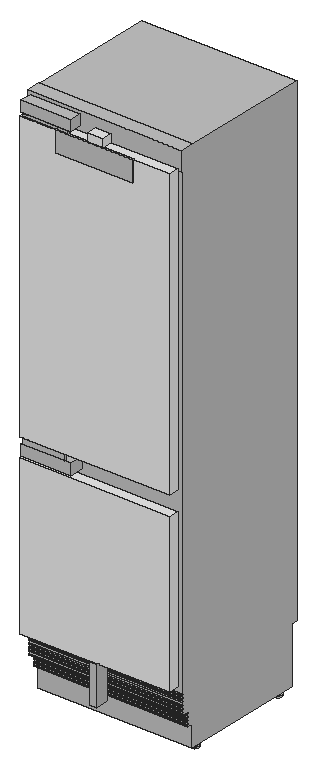
Revit family "FP_Revit_18_RS6121WLUK1_Fridge_90001107A", category Specialty Equipment, Revit 2018
Family settings
  Round Connector Dimension = Use Diameter
  Part Type = Normal
  OmniClass Number = 23.40.40.11.11
  OmniClass Title = Refrigerators and Freezers
  Work Plane-Based = No
  Always vertical = Yes
  Cut with Voids When Loaded = Yes
  Shared = No
  Room Calculation Point = No
Parameters
  Visibility - Visibility Control Note = yes
  Visibility - Clearance Required = yes
  URL = "www.fisherpaykel.com"
  Stainless Steel Door Panels (RD6121WLD) = no
  Product - Width = 603 mm  # constant formula
  Product - Height = 2134 mm  # constant formula
  Product - Depth (exl front panel) = 610 mm  # constant formula
  Model = "RS6121WLUK1"
  Material - Handle = Fisher & Paykel - Aluminium, Dark
  Material - Door Structure = Fisher & Paykel - White
  Material - Door Front = Fisher & Paykel - Stainless Steel
  Material - Body = Fisher & Paykel - Grey
  Manufacturer = "Fisher & Paykel Appliances"
  Handle Style - Contemporary Square Fine Black (AHD5RD6121WB) = no
  Handle Style - Contemporary Square Fine (AHD5RD6121W) = no
  Handle Style - Contemporary Square (AHD3RD6121W) = no
  Handle Style - Contemporary Round (AHSRD6121W) = no
  Description = "61cm Integrated Column Refrigerator/Freezer with Ice & Water"
  Connector Description - Water = "1/2 BSP Stainless steel braided hose"
  Connector Description - Electrical = "230 V, 10 amp fused electrical supply"
  Cavity - Width = 610 mm  # constant formula
  Cavity - Height = 2134 mm  # constant formula
  Cavity - Depth = 650 mm  # constant formula
Reference planes
  plane 1 "Datum": y = 0
  plane 2: z = 0
  plane 3 "Center (Left/Right)": x = 0
  plane 4 "Product LHS": x = -301.5
  plane 5 "Product RHS": x = 301.5
  plane 6 "Product - Depth": y = 610
  plane 7: x = -305
  plane 8: x = 305
  plane 9 "Cavity - Depth": y = 627.9
  plane 10 "Handle Offset": x = 238.5
  plane 11 "Product Height": z = 2134
  plane 12 "Cavity Height": z = 2134
  plane 13 "Door Panel Datum": y = -4.1
Forms (mm)
  Extrusion 1, solid, material "Fisher & Paykel - Grey" <- "Material - Body", detail levels fine
    sketch origin (0, 0, 0) x (0, 1, 0) y (0, 0, 1)
      loop
        line (100.1, 19.1) -> (587.9, 19.1) -> (587.9, 239.7) -> (610, 239.7) -> (610, 2132.3) -> (105.1, 2132.3) -> (105.1, 2134) -> (49.9, 2134) -> (49.9, 2059) -> (56, 2059) -> (56, 228.6) -> (59.5, 228.6) -> (59.5, 219.7) -> (56.5, 219.7) -> (56.5, 215.9) -> (59.5, 215.9) -> (59.5, 207) -> (56.5, 207) -> (56.5, 203.2) -> (59.5, 203.2) -> (59.5, 194.3) -> (56.5, 194.3) -> (56.5, 190.5) -> (59.5, 190.5) -> (59.5, 181.6) -> (56.5, 181.6) -> (56.5, 177.8) -> (59.5, 177.8) -> (59.5, 168.9) -> (56.5, 168.9) -> (56.5, 165.1) -> (59.5, 165.1) -> (59.5, 156.2) -> (56.5, 156.2) -> (56.5, 152.4) -> (84.1, 152.4) -> (84.1, 143.5) -> (81.1, 143.5) -> (81.1, 139.7) -> (84.1, 139.7) -> (84.1, 130.8) -> (81.1, 130.8) -> (81.1, 127) -> (84.1, 127) -> (84.1, 118.1) -> (81.1, 118.1) -> (81.1, 114.3) -> (84.1, 114.3) -> (84.1, 105.4) -> (81.1, 105.4) -> (81.1, 101.6) -> (100.1, 101.6) -> (100.1, 19.1)
    from -301.5 to 301.5
  Extrusion 2, solid, material "Fisher & Paykel - Grey" <- "Material - Body"
    sketch origin (0, 0, 0) x (1, 0, 0) y (0, 1, 0)
      loop
        circle (-281, 547.8) r 4.1
      loop
        circle (-281, 141.8) r 4.1
      loop
        circle (281, 547.8) r 4.1
      loop
        circle (281, 141.8) r 4.1
    from 3 to 19.1
  Extrusion 3, solid, material "Fisher & Paykel - Grey" <- "Material - Body"
    sketch origin (0, 0, 0) x (1, 0, 0) y (0, 1, 0)
      loop
        circle (-281, 547.8) r 14.5
      loop
        circle (-281, 141.8) r 14.555
      loop
        circle (281, 547.8) r 14.5
      loop
        circle (281, 141.8) r 14.555
    from 0 to 3
  Extrusion 4, solid, material "Fisher & Paykel - Grey" <- "Material - Body", detail levels fine
    sketch origin (0, 0, 0) x (1, 0, 0) y (0, 1, 0)
      loop
        line (-7.5, 49) -> (-13.797, -4.1) -> (13.797, -4.1) -> (7.5, 49) -> (-7.5, 49)
    from 104.2 to 253.8
  Extrusion 5, solid, material "Fisher & Paykel - Grey" <- "Material - Body", detail levels fine
    sketch origin (0, 0, 0) x (0, 1, 0) y (0, 0, 1)
      loop
        line (0, 2070.6) -> (0, 1988.6) -> (2, 1988.6) -> (2, 2068.6) -> (4, 2068.6) -> (4, 2070.6) -> (0, 2070.6)
    from -150 to 150
  Extrusion 6, solid, material "Fisher & Paykel - Grey" <- "Material - Body"
    sketch origin (0, 0, 0) x (1, 0, 0) y (0, 0, 1)
      loop
        circle (226.5, 119.813) r 5
      loop
        circle (-226.5, 119.813) r 5
    from -590 to -587.9
  Extrusion 7, solid, material "Fisher & Paykel - White" <- "Material - Door Structure"
    sketch origin (0, 0, 0) x (1, 0, 0) y (0, 1, 0)
      loop
        line (-276.5, 56) -> (-276.5, 42) -> (276.5, 42) -> (276.5, 56) -> (-276.5, 56)
    from 951.3 to 2030.7
  Extrusion 8, solid, material "Fisher & Paykel - White" <- "Material - Door Structure"
    sketch origin (0, 0, 0) x (1, 0, 0) y (0, 1, 0)
      loop
        line (-292.9, 42) -> (-292.9, 3) -> (292.9, 3) -> (292.9, 42) -> (-292.9, 42)
    from 943.8 to 2068.6
  Extrusion 9, solid, material "Fisher & Paykel - White" <- "Material - Door Structure", detail levels fine
    sketch origin (0, 0, 0) x (1, 0, 0) y (0, 0, 1)
      loop
        line (-29.5, 2100.1) -> (-29.5, 2068.6) -> (29.5, 2068.6) -> (29.5, 2100.1) -> (-29.5, 2100.1)
    from -42 to -3
  Extrusion 10, solid, material "Fisher & Paykel - Stainless Steel" <- "Material - Door Front", visible <- "Stainless Steel Door Panels (RD6121WLD)"
    sketch origin (0, 0, 0) x (0, 1, 0) y (0, 0, 1)
      loop
        line (-22.1, 2130.8) -> (-22.1, 876.3) -> (-4.1, 876.3) -> (-4.1, 2130.8) -> (-22.1, 2130.8)
      loop
        line (-22.1, 102) -> (-4.1, 102) -> (-4.1, 873.1) -> (-22.1, 873.1) -> (-22.1, 102)
    from -301.5 to 301.5
  Extrusion 11, solid, material "Fisher & Paykel - Grey" <- "Material - Body", detail levels coarse+medium
    sketch origin (0, 0, 0) x (0, 1, 0) y (0, 0, 1)
      loop
        line (49.9, 2134) -> (49.9, 2059) -> (56, 2059) -> (56, 152.4) -> (81.1, 152.4) -> (81.1, 101.6) -> (100.1, 101.6) -> (100.1, 19.1) -> (587.9, 19.1) -> (587.9, 239.7) -> (610, 239.7) -> (610, 2134) -> (49.9, 2134)
    from -301.5 to 301.5
  Extrusion 12, solid, material "Fisher & Paykel - Grey" <- "Material - Body", detail levels fine
    sketch origin (0, 0, 0) x (-1, 0, 0) y (0, 0, -1)
      loop
        line (289.9, -877.25) -> (95.42, -877.25) -> (95.42, -919.35) -> (289.9, -919.35) -> (289.9, -877.25)
    from -56 to -2.5
  Extrusion 13, solid, material "Fisher & Paykel - Grey" <- "Material - Body", detail levels fine
    sketch origin (0, 0, 0) x (-1, 0, 0) y (0, 0, -1)
      loop
        line (289.9, -2123.15) -> (289.9, -2081.05) -> (95.42, -2081.05) -> (95.42, -2123.15) -> (289.9, -2123.15)
    from -49 to -2.5
  Extrusion 14, solid, material "Fisher & Paykel - Grey" <- "Material - Body", detail levels fine
    sketch origin (0, 0, -4) x (0, 1, 0) y (0, 0, 1)
      loop
        arc (163.888, 23.1) -> (180.4, 13.63) -> (196.912, 23.1) r 19.13
        line (196.912, 23.1) -> (163.888, 23.1)
      loop
        arc (493.888, 23.1) -> (510.4, 13.63) -> (526.912, 23.1) r 19.13
        line (526.912, 23.1) -> (493.888, 23.1)
    from 191 to 219
  Extrusion 15, solid, material "Fisher & Paykel - Grey" <- "Material - Body", detail levels fine
    sketch origin (0, 0, -4) x (0, 1, 0) y (0, 0, -1)
      loop
        line (163.888, -23.1) -> (196.912, -23.1)
        arc (196.912, -23.1) -> (180.4, -13.63) -> (163.888, -23.1) r 19.13
      loop
        line (493.888, -23.1) -> (526.912, -23.1)
        arc (526.912, -23.1) -> (510.4, -13.63) -> (493.888, -23.1) r 19.13
    from 191 to 219
  Extrusion 16, solid, material "Fisher & Paykel - Clearance Required", visible <- "Visibility - Clearance Required", detail levels coarse
    sketch origin (0, 0, 0) x (1, 0, 0) y (0, 1, 0)
      loop
        line (-305, 627.9) -> (-305, -4.1) -> (305, -4.1) -> (305, 627.9) -> (-305, 627.9)
    from 0 to 2134
  Extrusion 17, void
    sketch origin (0, 0, 0) x (1, 0, 0) y (0, 1, 0)
      loop
        line (-305, 627.9) -> (-305, -22.1) -> (305, -22.1) -> (305, 627.9) -> (-305, 627.9)
    from 0 to 2134
  Extrusion 18, solid, material "Fisher & Paykel - Grey" <- "Material - Body", detail levels fine
    sketch origin (0, 0, 0) x (-1, 0, 0) y (0, 0, -1)
      loop
        line (118.4, -943.8) -> (282.9, -943.8) -> (282.9, -919.35) -> (118.4, -919.35) -> (118.4, -943.8)
      loop
        line (106, -2081.05) -> (242.9, -2081.05) -> (282.9, -2076.05) -> (282.9, -2068.6) -> (106, -2068.6) -> (106, -2081.05)
    from -7 to -4
  Extrusion 19, solid, material "Fisher & Paykel - White" <- "Material - Door Structure"
    sketch origin (0, 0, 0) x (1, 0, 0) y (0, 1, 0)
      loop
        line (-292.9, 42) -> (-292.9, 3) -> (292.9, 3) -> (292.9, 42) -> (-292.9, 42)
    from 253.8 to 868.15
  Extrusion 20, solid, material "Fisher & Paykel - White" <- "Material - Door Structure"
    sketch origin (0, 0, 0) x (1, 0, 0) y (0, 1, 0)
      loop
        line (-276.5, 56) -> (-276.5, 42) -> (276.5, 42) -> (276.5, 56) -> (-276.5, 56)
    from 269.2 to 858.13
  Extrusion 21, solid, material "Fisher & Paykel - Clearance Required", visible <- "Visibility - Clearance Required", detail levels coarse
    sketch origin (0, 0, 0) x (0, 1, 0) y (0, 0, 1)
      loop
        line (-422.1, 873.1) -> (-422.1, 818.896) -> (-482.1, 818.896) -> (-482.1, 781.896) -> (-422.1, 781.896) -> (-422.1, 101.6) -> (-22.1, 101.6) -> (-22.1, 873.1) -> (-422.1, 873.1)
    from -305 to 305
  Extrusion 22, solid, material "Fisher & Paykel - Clearance Required", visible <- "Visibility - Clearance Required", detail levels coarse
    sketch origin (0, 0, 0) x (-1, 0, 0) y (0, -1, 0)
      loop
        arc (301.5, 22.1) -> (304.469, 57.05) -> (339.359, 60.653) r 27.5
        line (339.359, 60.653) -> (556.046, 526.865) -> (583.452, 514.085)
        arc (583.452, 514.085) -> (608.033, 523.032) -> (599.086, 547.613) r 18.497
        line (599.086, 547.613) -> (571.638, 560.412) -> (593.641, 607.752)
        arc (593.641, 607.752) -> (-14.693, 560.645) -> (-301.5, 22.1) r 633.927
        line (-301.5, 22.1) -> (301.5, 22.1)
    from 876.3 to 2134
Lines and regions (mm)
  model lines, style "Fisher & Paykel"
    curve 1: line (-301.5, -4.1, 2130.8) -> (301.5, -4.1, 2130.8)
    curve 2: line (-301.5, -4.1, 876.3) -> (-301.5, -4.1, 2130.8)
    curve 3: line (301.5, -4.1, 876.3) -> (-301.5, -4.1, 876.3)
    curve 4: line (301.5, -4.1, 2130.8) -> (301.5, -4.1, 876.3)
    curve 5: line (301.5, -4.1, 873.1) -> (-301.5, -4.1, 873.1)
    curve 6: line (301.5, -4.1, 102) -> (301.5, -4.1, 873.1)
    curve 7: line (-301.5, -4.1, 102) -> (301.5, -4.1, 102)
    curve 8: line (-301.5, -4.1, 873.1) -> (-301.5, -4.1, 102)
Text (mm)
  text "Due to ongoing product development, product details are subject to change without notice. \nPlease always refer to www.fisherpaykel.com for the most current product information. \n© Fisher & Paykel 2020" at (41.04, -678.295, 0), in view "Ref. Level (Plan)"
Dimensions and locks
  equal spacing: plane 4 "Product LHS", plane 3 "Center (Left/Right)", plane 5 "Product RHS"
  "Product - Width": plane 4 "Product LHS" to plane 5 "Product RHS"
  "Product - Depth (exl front panel)": plane 1 "Datum" to plane 6 "Product - Depth"
  equal spacing: plane 7, plane 3 "Center (Left/Right)", plane 8
  "Cavity - Width": plane 7 to plane 8
  plane 4 "Product LHS" to Extrusion 2 sketch curve = 24.6 mm
  Extrusion 6 sketch curve to Extrusion 1 = 119.887 mm  (x2)
  Extrusion 6 sketch curve to plane 5 "Product RHS" = 75 mm
  plane 4 "Product LHS" to Extrusion 6 sketch curve = 75 mm
  Extrusion 1 sketch curve to Extrusion 1 sketch curve = 82.5 mm
  Extrusion 1 sketch curve to Extrusion 1 sketch curve = 209.5 mm
  Extrusion 1 sketch curve to Extrusion 1 sketch curve = 220.6 mm
  Extrusion 3 to level = 3 mm
  Extrusion 11 to Extrusion 8 = 924.7 mm
  Extrusion 11 to Extrusion 7 = 932.2 mm
  Extrusion 11 to Extrusion 11 = 2114.9 mm
  Extrusion 11 to Extrusion 10 = 82.9 mm
  "Product - Height": level to plane 11 "Product Height"
  plane 11 "Product Height" to Extrusion 10 = 3.2 mm
  Extrusion 8 to plane 11 "Product Height" = 65.4 mm
  Extrusion 7 to plane 11 "Product Height" = 103.3 mm
  Extrusion 11 sketch curve to plane 11 "Product Height" = 75 mm
  Extrusion 1 sketch curve to plane 11 "Product Height" = 1.7 mm
  Extrusion 1 sketch curve to plane 11 "Product Height" = 75 mm
  "Cavity - Height": plane 12 "Cavity Height" to level
  plane 1 "Datum" to Extrusion 16 = 627.9 mm
  plane 1 "Datum" to Extrusion 17 = 627.9 mm
  Extrusion 18 sketch curve to Extrusion 18 sketch curve = 40 mm
  Extrusion 18 sketch curve to Extrusion 18 sketch curve = 176.9 mm
  plane 3 "Center (Left/Right)" to Extrusion 18 sketch curve = 106 mm
  plane 3 "Center (Left/Right)" to Extrusion 18 sketch curve = 118.4 mm
  Extrusion 17 to level = 2134 mm
  Extrusion 22 to plane 1 "Datum" = 22.1 mm
  "Cavity - Depth": plane 9 "Cavity - Depth" to Extrusion 22
  radius of Extrusion 6 sketch curve = 5 mm
  aligned and locked: level to plane 2
  aligned and locked: Extrusion 10 to plane 5 "Product RHS"
  aligned and locked: plane 4 "Product LHS" to Extrusion 10
  aligned and locked: Extrusion 11 to plane 5 "Product RHS"
  aligned and locked: Extrusion 11 to plane 4 "Product LHS"
  aligned and locked: Extrusion 11 sketch curve to plane 11 "Product Height"
  aligned and locked: plane 11 "Product Height" to Extrusion 1 sketch curve
  aligned and locked: Extrusion 14 sketch curve to Extrusion 14 sketch curve
  aligned and locked: Extrusion 15 sketch curve to Extrusion 15 sketch curve
  aligned and locked: Extrusion 1 to plane 5 "Product RHS"
  aligned and locked: plane 4 "Product LHS" to Extrusion 1
  aligned and locked: nested 2 to plane 10 "Handle Offset"
  aligned and locked: nested 3 to plane 10 "Handle Offset"
  aligned and locked: nested 4 to plane 10 "Handle Offset"
  aligned and locked: nested 5 to plane 10 "Handle Offset"
Automatic sketch dimensions
  Extrusion 1 sketch curve to plane 6 "Product - Depth" = 0 mm
  Extrusion 1 sketch curve to Extrusion 1 sketch curve = 22.1 mm
  Extrusion 1 sketch curve to plane 1 "Datum" = 105.1 mm
  level to Extrusion 1 sketch curve = 19.1 mm
  Extrusion 1 sketch curve to plane 1 "Datum" = 100.1 mm
  Extrusion 1 sketch curve to Extrusion 1 sketch curve = 16 mm
  Extrusion 1 sketch curve to Extrusion 1 sketch curve = 0 mm  (x8)
  Extrusion 1 sketch curve to Extrusion 1 sketch curve = 3 mm  (x10)
  Extrusion 1 sketch curve to plane 1 "Datum" = 59.5 mm
  Extrusion 1 sketch curve to plane 1 "Datum" = 56 mm
  Extrusion 1 sketch curve to plane 1 "Datum" = 49.9 mm
  Extrusion 1 sketch curve to Extrusion 1 sketch curve = 3.8 mm  (x10)
  Extrusion 1 sketch curve to Extrusion 1 sketch curve = 8.9 mm  (x9)
  Extrusion 2 sketch curve to plane 4 "Product LHS" = 20.5 mm  (x2)
  plane 5 "Product RHS" to Extrusion 2 sketch curve = 20.5 mm  (x2)
  Extrusion 2 sketch curve to plane 1 "Datum" = 141.8 mm  (x2)
  Extrusion 2 sketch curve to plane 6 "Product - Depth" = 62.2 mm  (x2)
  Extrusion 3 sketch curve to plane 4 "Product LHS" = 20.5 mm  (x2)
  plane 5 "Product RHS" to Extrusion 3 sketch curve = 20.5 mm  (x2)
  Extrusion 3 sketch curve to plane 1 "Datum" = 141.8 mm  (x2)
  Extrusion 3 sketch curve to plane 6 "Product - Depth" = 62.2 mm  (x2)
  plane 1 "Datum" to Extrusion 4 sketch curve = 4.1 mm
  Extrusion 4 sketch curve to plane 3 "Center (Left/Right)" = 13.797 mm
  Extrusion 4 sketch curve to plane 3 "Center (Left/Right)" = 7.5 mm
  plane 3 "Center (Left/Right)" to Extrusion 4 sketch curve = 7.5 mm
  plane 3 "Center (Left/Right)" to Extrusion 4 sketch curve = 13.797 mm
  Extrusion 4 sketch curve to plane 1 "Datum" = 49 mm
  Extrusion 5 sketch curve to plane 1 "Datum" = 0 mm
  Extrusion 5 sketch curve to plane 1 "Datum" = 2 mm
  Extrusion 5 sketch curve to Extrusion 5 sketch curve = 2 mm  (x2)
  plane 11 "Product Height" to Extrusion 5 sketch curve = 145.4 mm
  plane 11 "Product Height" to Extrusion 5 sketch curve = 65.4 mm
  Extrusion 7 sketch curve to plane 4 "Product LHS" = 25 mm
  plane 5 "Product RHS" to Extrusion 7 sketch curve = 25 mm
  Extrusion 7 sketch curve to plane 1 "Datum" = 42 mm
  Extrusion 7 sketch curve to Extrusion 7 sketch curve = 14 mm
  Extrusion 8 sketch curve to plane 1 "Datum" = 3 mm
  Extrusion 8 sketch curve to plane 4 "Product LHS" = 8.6 mm
  plane 5 "Product RHS" to Extrusion 8 sketch curve = 8.6 mm
  Extrusion 8 sketch curve to Extrusion 8 sketch curve = 39 mm
  Extrusion 9 sketch curve to plane 3 "Center (Left/Right)" = 29.5 mm
  plane 3 "Center (Left/Right)" to Extrusion 9 sketch curve = 29.5 mm
  plane 11 "Product Height" to Extrusion 9 sketch curve = 65.4 mm
  Extrusion 9 sketch curve to Extrusion 9 sketch curve = 31.5 mm
  Extrusion 11 sketch curve to plane 6 "Product - Depth" = 0 mm
  Extrusion 11 sketch curve to plane 6 "Product - Depth" = 22.1 mm
  Extrusion 11 sketch curve to plane 1 "Datum" = 100.1 mm
  Extrusion 11 sketch curve to Extrusion 11 sketch curve = 19 mm
  Extrusion 11 sketch curve to plane 1 "Datum" = 56 mm
  Extrusion 11 sketch curve to plane 1 "Datum" = 49.9 mm
  level to Extrusion 11 sketch curve = 239.7 mm
  level to Extrusion 11 sketch curve = 152.4 mm
  Extrusion 11 sketch curve to Extrusion 11 sketch curve = 50.8 mm
  level to Extrusion 11 sketch curve = 19.1 mm
  plane 3 "Center (Left/Right)" to Extrusion 12 sketch curve = 95.42 mm
  plane 4 "Product LHS" to Extrusion 12 sketch curve = 11.6 mm
  Extrusion 12 sketch curve to level = 877.25 mm
  Extrusion 12 sketch curve to Extrusion 12 sketch curve = 42.1 mm
  Extrusion 13 sketch curve to plane 11 "Product Height" = 10.85 mm
  plane 3 "Center (Left/Right)" to Extrusion 13 sketch curve = 95.42 mm
  plane 4 "Product LHS" to Extrusion 13 sketch curve = 11.6 mm
  Extrusion 13 sketch curve to Extrusion 13 sketch curve = 42.1 mm
  level to Extrusion 14 sketch curve = 19.1 mm
  Extrusion 14 sketch curve to plane 1 "Datum" = 163.888 mm
  Extrusion 14 sketch curve to Extrusion 14 sketch curve = 16.512 mm  (x2)
  Extrusion 14 sketch curve to plane 6 "Product - Depth" = 116.112 mm
  Extrusion 14 sketch curve to Extrusion 14 sketch curve = 9.66 mm  (x2)
  level to Extrusion 15 sketch curve = 19.1 mm
  Extrusion 15 sketch curve to plane 1 "Datum" = 163.888 mm
  Extrusion 15 sketch curve to Extrusion 15 sketch curve = 16.512 mm  (x2)
  Extrusion 15 sketch curve to plane 6 "Product - Depth" = 116.112 mm
  Extrusion 15 sketch curve to Extrusion 15 sketch curve = 9.66 mm  (x2)
  Extrusion 16 sketch curve to plane 7 = 0 mm
  Extrusion 16 sketch curve to plane 8 = 0 mm
  Extrusion 16 sketch curve to plane 9 "Cavity - Depth" = 0 mm
  plane 1 "Datum" to Extrusion 16 sketch curve = 4.1 mm
  Extrusion 17 sketch curve to plane 7 = 0 mm
  Extrusion 17 sketch curve to plane 8 = 0 mm
  Extrusion 17 sketch curve to plane 9 "Cavity - Depth" = 0 mm
  plane 1 "Datum" to Extrusion 17 sketch curve = 22.1 mm
  plane 4 "Product LHS" to Extrusion 18 sketch curve = 18.6 mm
  Extrusion 18 sketch curve to level = 919.35 mm
  Extrusion 18 sketch curve to Extrusion 18 sketch curve = 24.45 mm
  Extrusion 18 sketch curve to plane 11 "Product Height" = 65.4 mm
  Extrusion 18 sketch curve to Extrusion 18 sketch curve = 7.45 mm
  Extrusion 18 sketch curve to Extrusion 18 sketch curve = 5 mm
  Extrusion 19 sketch curve to plane 1 "Datum" = 3 mm
  Extrusion 19 sketch curve to plane 4 "Product LHS" = 8.6 mm
  plane 5 "Product RHS" to Extrusion 19 sketch curve = 8.6 mm
  Extrusion 19 sketch curve to Extrusion 19 sketch curve = 39 mm
  Extrusion 20 sketch curve to plane 4 "Product LHS" = 25 mm
  plane 5 "Product RHS" to Extrusion 20 sketch curve = 25 mm
  Extrusion 20 sketch curve to plane 1 "Datum" = 42 mm
  Extrusion 20 sketch curve to Extrusion 20 sketch curve = 14 mm
  plane 1 "Datum" to Extrusion 21 sketch curve = 482.1 mm
  Extrusion 21 sketch curve to Extrusion 21 sketch curve = 60 mm
  Extrusion 21 sketch curve to Extrusion 21 sketch curve = 0 mm
  plane 1 "Datum" to Extrusion 21 sketch curve = 22.1 mm
  level to Extrusion 21 sketch curve = 101.6 mm
  Extrusion 21 sketch curve to Extrusion 21 sketch curve = 680.296 mm
  Extrusion 21 sketch curve to Extrusion 21 sketch curve = 37 mm
  Extrusion 21 sketch curve to Extrusion 21 sketch curve = 54.204 mm
  Extrusion 22 sketch curve to plane 5 "Product RHS" = 0 mm
  Extrusion 22 sketch curve to plane 4 "Product LHS" = 0 mm
  Extrusion 22 sketch curve to plane 7 = 19.09 mm
  Extrusion 22 sketch curve to Extrusion 22 sketch curve = 8.286 mm
  Extrusion 22 sketch curve to Extrusion 22 sketch curve = 15.269 mm
  Extrusion 22 sketch curve to plane 7 = 251.046 mm
  Extrusion 22 sketch curve to Extrusion 22 sketch curve = 15.592 mm
  Extrusion 22 sketch curve to Extrusion 22 sketch curve = 27.406 mm
  Extrusion 22 sketch curve to Extrusion 22 sketch curve = 7.817 mm  (x2)
  Extrusion 22 sketch curve to Extrusion 22 sketch curve = 22.003 mm
  Extrusion 22 sketch curve to plane 1 "Datum" = 607.752 mm
  Extrusion 22 sketch curve to Extrusion 22 sketch curve = 47.34 mm
  Extrusion 22 sketch curve to Extrusion 22 sketch curve = 12.799 mm
  Extrusion 22 sketch curve to Extrusion 22 sketch curve = 16.764 mm
  Extrusion 22 sketch curve to Extrusion 22 sketch curve = 12.78 mm
  Extrusion 22 sketch curve to plane 1 "Datum" = 60.653 mm
  Extrusion 22 sketch curve to Extrusion 22 sketch curve = 22.871 mm
  plane 1 "Datum" to Extrusion 10 sketch curve = 22.1 mm
  plane 1 "Datum" to Extrusion 10 sketch curve = 4.1 mm
  level to Extrusion 10 sketch curve = 102 mm
  plane 11 "Product Height" to Extrusion 10 sketch curve = 3.2 mm
  Extrusion 10 sketch curve to Extrusion 10 sketch curve = 3.2 mm
  Extrusion 10 sketch curve to Extrusion 10 sketch curve = 771.1 mm
  Extrusion 10 sketch curve to Extrusion 10 sketch curve = 0 mm  (x2)
  plane 5 "Product RHS" to curve 5 = 0 mm
  plane 5 "Product RHS" to curve 1 = 0 mm
  plane 4 "Product LHS" to curve 5 = 0 mm
  plane 4 "Product LHS" to curve 2 = 0 mm
  level to curve 6 = 102 mm
  curve 6 to curve 6 = 771.1 mm
  curve 5 to curve 2 = 3.2 mm
  plane 11 "Product Height" to curve 2 = 3.2 mm
  radius of Extrusion 2 sketch curve = 4.1 mm  (x3)
  radius of Extrusion 3 sketch curve = 14.5 mm  (x2)
  radius of Extrusion 3 sketch curve = 14.555 mm  (x2)
  radius of Extrusion 6 sketch curve = 5 mm
Nested families
  nested 1: "Visibility Control Note 18" at (0, 0, 0), visible <- "Visibility - Visibility Control Note", type "Visibility Control Note 18"
  nested 2: "Handle Contemporary Round - Vertical" at (238.5, -22.1, 1322.58), visible <- "Handle Style - Contemporary Round (AHSRD6121W)", type "AHSRD6121W - Contemporary round handle (1 of 2) (Vertical) 727mm"
  nested 3: "Handle Contemporary Square - Vertical" at (238.5, -22.1, 1322.58), visible <- "Handle Style - Contemporary Square (AHD3RD6121W)", type "AHD3RD6121W - Contemporary square handle (1 of 2) (Vertical) 727mm"
  nested 4: "F&P Handle Kit - Contemporary Square Fine - Vertical" at (238.5, -22.1, 1322.58), visible <- "Handle Style - Contemporary Square Fine Black (AHD5RD6121WB)", type "AHD5RD6121WB - Contemporary square fine black handle (1 of 2) (Vertical) 727mm"
  nested 5: "F&P Handle Kit - Contemporary Square Fine - Vertical" at (238.5, -22.1, 1322.58), visible <- "Handle Style - Contemporary Square Fine (AHD5RD6121W)", type "AHD5RD6121W - Contemporary square fine handle (1 of 2) (Vertical) 727mm"
  nested 6: "Handle Contemporary Round - Horizontal" at (0, -22.1, 800.364), visible <- "Handle Style - Contemporary Round (AHSRD6121W)", type "AHSRD6121W - Contemporary round handle (2 of 2) (Horizontal) 494mm"
  nested 7: "Handle Contemporary Square - Horizontal" at (0, -22.1, 800.364), visible <- "Handle Style - Contemporary Square (AHD3RD6121W)", type "AHD3RD6121W - Contemporary square handle (2 of 2) (Horizontal) 494mm"
  nested 8: "F&P Handle Kit - Contemporary Square Fine - Horizontal" at (0, -22.1, 800.364), visible <- "Handle Style - Contemporary Square Fine Black (AHD5RD6121WB)", type "AHD5RD6121WB - Contemporary square fine handle black (2 of 2) (Horizontal) 494mm"
  nested 9: "F&P Handle Kit - Contemporary Square Fine - Horizontal" at (0, -22.1, 800.364), visible <- "Handle Style - Contemporary Square Fine (AHD5RD6121W)", type "AHD5RD6121W - Contemporary square fine handle (2 of 2) (Horizontal) 494mm"
Connectors
  electrical at (-226.5, 590, 119.813), driven by "Connector Description - Electrical"
    settings: on Extrusion 6, index 1, voltage 230 V, apparent load 0 VA, apparent load phase1 0 VA, apparent load phase2 0 VA, apparent load phase3 0 VA, power factor 1, load classification "Other", number of poles 1, system type 30, power factor state 1, is connector primary yes, connector utility no, sub classification motor no, connector description "230 V, 10 amp fused electrical supply"
  piping at (226.5, 590, 119.813), diameter 12.7, driven by "Connector Description - Water"
    settings: on Extrusion 6, index 2, connector inside diameter 609.6 mm, connector length 0 mm, flow factor 0, pipe flow 0.0 L/s, pressure drop 0.0 Pa, fitting loss kfactor 0, connector angle 0.00°, fixture units 0, engagement length 0 mm, angle of deflection 0.00°, flow configuration 0, flow direction 1, fitting loss method 0, system type 20, joint type 0, gender type 0, connector reference index -1, connector utility 1, adjustable connector no, is connector primary yes, connector description "1/2 BSP Stainless steel braided hose"
Definition of nested family "Handle Contemporary Round - Vertical"
  Parameters (values of type "AHSRD7621W - Contemporary round handle (1 of 2) (Vertical) 727mm")
    URL = "www.fisherpaykel.com"
    Material - Handle = none
    Manufacturer = "Fisher & Paykel Appliances"
    Handle - Length = 727 mm
  Types (8, lengths in mm): name | Handle - Length
    AHS-RD21 - Contemporary round handle (Vertical) 852mm | 852
    AHSRD2484W - Contemporary round handle (1 of 2) (Vertical) 727mm | 727
    AHSRD3084W - Contemporary round handle (1 of 2) (Vertical) 727mm | 727
    AHS-RD84 - Contemporary round handle (Vertical) 852mm | 852
    AHSRS3272A - Contemporary round handle (1 of 2) (Vertical) 727mm | 727
    AHSRS80A - Contemporary round handle (1 of 2) (Vertical) 727mm | 727
    AHSRD6121W - Contemporary round handle (1 of 2) (Vertical) 727mm | 727
    AHSRD7621W - Contemporary round handle (1 of 2) (Vertical) 727mm | 727
  Reference planes
    plane 1 "Center (Front/Back)": y = 0
    plane 2: z = 0
    plane 3 "Center (Left/Right)": x = 0
    plane 4 "Top": z = 363.5
    plane 5 "Bottom": z = -363.5
    plane 6 "Top Standoff": z = 243.5
    plane 7 "Bottom Standoff": z = -243.5
  Forms (mm)
    Extrusion 1, solid, material <- "Material - Handle"
      sketch origin (0, 0, 0) x (1, 0, 0) y (0, 1, 0)
        loop
          circle (0, -32.3) r 8.7
      from -243.5 to 243.5
    Extrusion 2, solid, material <- "Material - Handle", detail levels fine
      sketch origin (0, 0, 0) x (1, 0, 0) y (0, 1, 0)
        loop
          line (-8.7, 0) -> (-8.7, -32.3)
          arc (-8.7, -32.3) -> (0, -41) -> (8.7, -32.3) r 8.7
          line (8.7, -32.3) -> (8.7, 0) -> (-8.7, 0)
      from 243.5 to 363.5
    Extrusion 3, solid, material <- "Material - Handle", detail levels fine
      sketch origin (0, 0, 0) x (1, 0, 0) y (0, 1, 0)
        loop
          line (-8.7, 0) -> (-8.7, -32.3)
          arc (-8.7, -32.3) -> (0, -41) -> (8.7, -32.3) r 8.7
          line (8.7, -32.3) -> (8.7, 0) -> (-8.7, 0)
      from -363.5 to -243.5
    Sweep 4, void
      path in 3D
        loop
          line (8.7, 0, -363.5) -> (8.7, -32.3, -363.5)
          arc (8.7, -32.3, -363.5) -> (0, -41, -363.5) -> (-8.7, -32.3, -363.5) r 8.7
          line (-8.7, -32.3, -363.5) -> (-8.7, 0, -363.5)
      profile origin (8.7, -16.15, -363.5) x (-1, 0, 0) y (0, 0, -1)
        loop
          line (0, 0) -> (0, -1) -> (1, 0) -> (0, 0)
    Sweep 5, void
      path in 3D
        loop
          line (-8.7, 0, 363.5) -> (-8.7, -32.3, 363.5)
          arc (-8.7, -32.3, 363.5) -> (0, -41, 363.5) -> (8.7, -32.3, 363.5) r 8.7
          line (8.7, -32.3, 363.5) -> (8.7, 0, 363.5)
      profile origin (8.7, -16.15, 363.5) x (-1, 0, 0) y (0, 0, 1)
        loop
          line (0, 0) -> (0, -1) -> (1, 0) -> (0, 0)
    Extrusion 6, solid, material <- "Material - Handle", detail levels coarse+medium
      sketch origin (0, 0, 0) x (1, 0, 0) y (0, 1, 0)
        loop
          line (-8.7, 0) -> (-8.7, -32.3)
          arc (-8.7, -32.3) -> (0, -41) -> (8.7, -32.3) r 8.7
          line (8.7, -32.3) -> (8.7, 0) -> (-8.7, 0)
      from 243.5 to 363.5
    Extrusion 7, solid, material <- "Material - Handle", detail levels coarse+medium
      sketch origin (0, 0, 0) x (1, 0, 0) y (0, 1, 0)
        loop
          line (-8.7, 0) -> (-8.7, -32.3)
          arc (-8.7, -32.3) -> (0, -41) -> (8.7, -32.3) r 8.7
          line (8.7, -32.3) -> (8.7, 0) -> (-8.7, 0)
      from -363.5 to -243.5
  Cuts and joins
    Sweep 4 cuts Extrusion 3
    Sweep 5 cuts Extrusion 2
  Lines and regions (mm)
    sketch lines
      curve 1: line (8.7, 0, -363.5) -> (8.7, -32.3, -363.5)
      curve 2: arc (-8.7, -32.3, -363.5) -> (0, -41, -363.5) -> (8.7, -32.3, -363.5) r 8.7
      curve 3: line (-8.7, -32.3, -363.5) -> (-8.7, 0, -363.5)
      curve 4: line (8.7, -32.3, 363.5) -> (8.7, 0, 363.5)
      curve 5: arc (8.7, -32.3, 363.5) -> (0, -41, 363.5) -> (-8.7, -32.3, 363.5) r 8.7
      curve 6: line (-8.7, 0, 363.5) -> (-8.7, -32.3, 363.5)
  Dimensions and locks
    equal spacing: plane 4 "Top", level, plane 5 "Bottom"
    "Handle - Length": plane 4 "Top" to plane 5 "Bottom"
    locked: plane 4 "Top" to plane 6 "Top Standoff" at 120
    locked: plane 7 "Bottom Standoff" to plane 5 "Bottom" at 120
    Extrusion 2 sketch curve to Extrusion 2 sketch curve = 17.4 mm
    Extrusion 3 sketch curve to Extrusion 3 sketch curve = 17.4 mm
    Extrusion 6 sketch curve to Extrusion 6 sketch curve = 17.4 mm
    Extrusion 7 sketch curve to Extrusion 7 sketch curve = 17.4 mm
    aligned and locked: level to plane 2
    aligned and locked: plane 4 "Top" to Extrusion 2
    aligned and locked: Extrusion 3 to plane 5 "Bottom"
    aligned and locked: plane 7 "Bottom Standoff" to Extrusion 3
    aligned and locked: Extrusion 1 to plane 7 "Bottom Standoff"
    aligned and locked: plane 6 "Top Standoff" to Extrusion 1
    aligned and locked: Extrusion 2 to Extrusion 1
    aligned and locked: Extrusion 6 to Extrusion 1
    aligned and locked: plane 4 "Top" to Extrusion 6
    aligned and locked: Extrusion 7 to Extrusion 1
    aligned and locked: Extrusion 7 to plane 5 "Bottom"
  Automatic sketch dimensions
    Extrusion 1 sketch curve to plane 3 "Center (Left/Right)" = 0 mm
    plane 1 "Center (Front/Back)" to Extrusion 1 sketch curve = 32.3 mm
    plane 1 "Center (Front/Back)" to Extrusion 2 sketch curve = 0 mm
    Extrusion 2 sketch curve to plane 3 "Center (Left/Right)" = 0 mm
    Extrusion 2 sketch curve to plane 3 "Center (Left/Right)" = 8.7 mm
    plane 1 "Center (Front/Back)" to Extrusion 2 sketch curve = 32.3 mm
    plane 1 "Center (Front/Back)" to Extrusion 3 sketch curve = 0 mm
    Extrusion 3 sketch curve to plane 3 "Center (Left/Right)" = 0 mm
    Extrusion 3 sketch curve to plane 3 "Center (Left/Right)" = 8.7 mm
    plane 1 "Center (Front/Back)" to Extrusion 3 sketch curve = 32.3 mm
    Sweep 4 sketch curve to profile plane = 0 mm  (x2)
    Sweep 4 sketch curve to profile plane = 1 mm  (x2)
    Sweep 5 sketch curve to profile plane = 0 mm  (x2)
    Sweep 5 sketch curve to profile plane = 1 mm  (x2)
    Extrusion 6 sketch curve to plane 3 "Center (Left/Right)" = 0 mm
    Extrusion 6 sketch curve to plane 3 "Center (Left/Right)" = 8.7 mm
    plane 1 "Center (Front/Back)" to Extrusion 6 sketch curve = 32.3 mm
    Extrusion 6 sketch curve to Extrusion 6 sketch curve = 32.3 mm
    Extrusion 7 sketch curve to plane 3 "Center (Left/Right)" = 0 mm
    Extrusion 7 sketch curve to plane 3 "Center (Left/Right)" = 8.7 mm
    plane 1 "Center (Front/Back)" to Extrusion 7 sketch curve = 32.3 mm
    Extrusion 7 sketch curve to Extrusion 7 sketch curve = 32.3 mm
    radius of Extrusion 1 sketch curve = 8.7 mm
Definition of nested family "Handle Contemporary Square - Vertical"
  Parameters (values of type "AHD3RD6121W - Contemporary square handle (1 of 2) (Vertical) 727mm")
    URL = "www.fisherpaykel.com"
    Material - Handle = none
    Manufacturer = "Fisher & Paykel Appliances"
    Handle - Length = 727 mm
  Types (9, lengths in mm): name | Handle - Length
    (no name) | 727
    AHD3-RD21 - Contemporary square handle (Vertical) 852mm | 852
    AHD3RD2484W - Contemporary square handle (1 of 2) (Vertical) 727mm | 727
    AHD3RD3084W - Contemporary square handle (1 of 2) (Vertical) 727mm | 727
    AHD3-RD84 - Contemporary square handle (Vertical) 852mm | 852
    AHD3RS3272A - Contemporary square handle (1 of 2) (Vertical) 727mm | 727
    AHD3RS80A - Contemporary square handle (1 of 2) (Vertical) 727mm | 727
    AHD3RD6121W - Contemporary square handle (1 of 2) (Vertical) 727mm | 727
    AHD3RD7621W - Contemporary square handle (1 of 2) (Vertical) 727mm | 727
  Reference planes
    plane 1 "Center (Front/Back)": y = 0
    plane 2: z = 0
    plane 3 "Center (Left/Right)": x = 0
    plane 4 "Top": z = 363.5
    plane 5 "Bottom": z = -363.5
    plane 6 "Top Standoff": z = 243.5
    plane 7 "Bottom Standoff": z = -243.5
  Forms (mm)
    Extrusion 1, solid, material <- "Material - Handle", detail levels fine
      sketch origin (0, 0, 0) x (1, 0, 0) y (0, 1, 0)
        loop
          arc (-7.583, -28.701) -> (-7.89, -29.057) -> (-8, -29.514) r 1
          line (-8, -29.514) -> (-8, -40.5)
          arc (-8, -40.5) -> (-7.561, -41.561) -> (-6.5, -42) r 1.5
          line (-6.5, -42) -> (6.5, -42)
          arc (6.5, -42) -> (7.561, -41.561) -> (8, -40.5) r 1.5
          line (8, -40.5) -> (8, -29.487)
          arc (8, -29.487) -> (7.889, -29.029) -> (7.58, -28.673) r 1
          arc (7.58, -28.673) -> (-0.006, -26.256) -> (-7.583, -28.701) r 13.038
      from -363.5 to 363.5
    Extrusion 2, solid, material <- "Material - Handle", detail levels fine
      sketch origin (0, 0, 0) x (1, 0, 0) y (0, 1, 0)
        loop
          arc (7.058, -28.23) -> (7.466, -28.244) -> (7.674, -27.893) r 0.4
          line (7.674, -27.893) -> (7.674, 0) -> (-7.674, 0) -> (-7.674, -27.86)
          arc (-7.674, -27.86) -> (-7.467, -28.21) -> (-7.06, -28.198) r 0.4
          arc (-7.06, -28.198) -> (0.004, -26.156) -> (7.058, -28.23) r 13.136
      from 243.5 to 363.5
    Extrusion 3, solid, material <- "Material - Handle", detail levels fine
      sketch origin (0, 0, 0) x (1, 0, 0) y (0, 1, 0)
        loop
          arc (7.058, -28.23) -> (7.466, -28.244) -> (7.674, -27.893) r 0.4
          line (7.674, -27.893) -> (7.674, 0) -> (-7.674, 0) -> (-7.674, -27.86)
          arc (-7.674, -27.86) -> (-7.467, -28.21) -> (-7.06, -28.198) r 0.4
          arc (-7.06, -28.198) -> (0.004, -26.156) -> (7.058, -28.23) r 13.136
      from -363.5 to -243.5
    Sweep 4, void
      path in 3D
        loop
          line (-8, -29.514, 363.5) -> (-8, -40.5, 363.5)
          arc (-8, -40.5, 363.5) -> (-7.561, -41.561, 363.5) -> (-6.5, -42, 363.5) r 1.5
          line (-6.5, -42, 363.5) -> (6.5, -42, 363.5)
          arc (6.5, -42, 363.5) -> (7.561, -41.561, 363.5) -> (8, -40.5, 363.5) r 1.5
          line (8, -40.5, 363.5) -> (8, -29.487, 363.5)
      profile origin (8, -34.994, 363.5) x (-1, 0, 0) y (0, 0, 1)
        loop
          line (0, 0) -> (0, -1.3) -> (1.3, 0) -> (0, 0)
    Sweep 5, void
      path in 3D
        loop
          line (8, -29.487, -363.5) -> (8, -40.5, -363.5)
          arc (8, -40.5, -363.5) -> (7.561, -41.561, -363.5) -> (6.5, -42, -363.5) r 1.5
          line (6.5, -42, -363.5) -> (-6.5, -42, -363.5)
          arc (-6.5, -42, -363.5) -> (-7.561, -41.561, -363.5) -> (-8, -40.5, -363.5) r 1.5
          line (-8, -40.5, -363.5) -> (-8, -29.514, -363.5)
      profile origin (8, -34.994, -363.5) x (-1, 0, 0) y (0, 0, -1)
        loop
          line (0, 0) -> (0, -1.3) -> (1.3, 0) -> (0, 0)
    Extrusion 6, void
      sketch origin (0, 0, 0) x (1, 0, 0) y (0, 0, 1)
        loop
          line (-8, -362.2) -> (-8, -363.5) -> (-6.7, -363.5) -> (-8, -362.2)
        loop
          line (8, -362.2) -> (6.7, -363.5) -> (8, -363.5) -> (8, -362.2)
      from 0 to 40
    Extrusion 7, void
      sketch origin (0, 0, 0) x (1, 0, 0) y (0, 0, 1)
        loop
          line (-8, 363.5) -> (-8, 362.2) -> (-6.7, 363.5) -> (-8, 363.5)
        loop
          line (8, 363.5) -> (6.7, 363.5) -> (8, 362.2) -> (8, 363.5)
      from 0 to 40
    Extrusion 8, solid, material <- "Material - Handle", detail levels coarse+medium
      sketch origin (0, 0, 0) x (0, 1, 0) y (0, 0, 1)
        loop
          line (0, 363.5) -> (-42, 363.5) -> (-42, -363.5) -> (0, -363.5) -> (0, -243.5) -> (-26.245, -243.5) -> (-26.245, 243.5) -> (0, 243.5) -> (0, 363.5)
      from -8 to 8
  Cuts and joins
    Sweep 4, Sweep 5, Extrusion 6, Extrusion 7 cuts Extrusion 1
    Extrusion 6 cuts Extrusion 3
    Extrusion 7 cuts Extrusion 2
  Lines and regions (mm)
    sketch lines
      curve 1: line (8, -40.5, 363.5) -> (8, -29.487, 363.5)
      curve 2: arc (8, -40.5, 363.5) -> (7.561, -41.561, 363.5) -> (6.5, -42, 363.5) r 1.5
      curve 3: line (-6.5, -42, 363.5) -> (6.5, -42, 363.5)
      curve 4: arc (-6.5, -42, 363.5) -> (-7.561, -41.561, 363.5) -> (-8, -40.5, 363.5) r 1.5
      curve 5: line (-8, -29.514, 363.5) -> (-8, -40.5, 363.5)
      curve 6: line (8, -29.487, -363.5) -> (8, -40.5, -363.5)
      curve 7: arc (6.5, -42, -363.5) -> (7.561, -41.561, -363.5) -> (8, -40.5, -363.5) r 1.5
      curve 8: line (6.5, -42, -363.5) -> (-6.5, -42, -363.5)
      curve 9: arc (-8, -40.5, -363.5) -> (-7.561, -41.561, -363.5) -> (-6.5, -42, -363.5) r 1.5
      curve 10: line (-8, -40.5, -363.5) -> (-8, -29.514, -363.5)
  Dimensions and locks
    equal spacing: plane 4 "Top", level, plane 5 "Bottom"
    "Handle - Length": plane 4 "Top" to plane 5 "Bottom"
    locked: plane 4 "Top" to plane 6 "Top Standoff" at 120
    locked: plane 7 "Bottom Standoff" to plane 5 "Bottom" at 120
    aligned and locked: level to plane 2
    aligned and locked: plane 4 "Top" to Extrusion 2
    aligned and locked: Extrusion 2 to plane 6 "Top Standoff"
    aligned and locked: plane 4 "Top" to Extrusion 1
    aligned and locked: Extrusion 1 to plane 5 "Bottom"
    aligned and locked: Extrusion 3 to plane 5 "Bottom"
    aligned and locked: plane 7 "Bottom Standoff" to Extrusion 3
    aligned and locked: plane 4 "Top" to Extrusion 8 sketch curve
    aligned and locked: plane 6 "Top Standoff" to Extrusion 8 sketch curve
    aligned and locked: plane 7 "Bottom Standoff" to Extrusion 8 sketch curve
    aligned and locked: plane 5 "Bottom" to Extrusion 8 sketch curve
    aligned and locked: plane 1 "Center (Front/Back)" to Extrusion 8 sketch curve  (x2)
  Automatic sketch dimensions
    Extrusion 1 sketch curve to plane 3 "Center (Left/Right)" = 8 mm
    Extrusion 1 sketch curve to Extrusion 1 sketch curve = 1 mm  (x2)
    Extrusion 1 sketch curve to Extrusion 1 sketch curve = 1.5 mm
    plane 3 "Center (Left/Right)" to Extrusion 1 sketch curve = 0.018 mm
    plane 3 "Center (Left/Right)" to Extrusion 1 sketch curve = 6.5 mm
    plane 3 "Center (Left/Right)" to Extrusion 1 sketch curve = 7 mm
    plane 1 "Center (Front/Back)" to Extrusion 1 sketch curve = 42 mm
    Extrusion 1 sketch curve to Extrusion 1 sketch curve = 1.206 mm
    Extrusion 1 sketch curve to Extrusion 1 sketch curve = 10.986 mm
    Extrusion 1 sketch curve to Extrusion 1 sketch curve = 11.013 mm
    Extrusion 1 sketch curve to Extrusion 1 sketch curve = 0 mm
    plane 1 "Center (Front/Back)" to Extrusion 2 sketch curve = 0 mm
    Extrusion 2 sketch curve to plane 3 "Center (Left/Right)" = 7.674 mm
    Extrusion 2 sketch curve to Extrusion 2 sketch curve = 0.4 mm  (x2)
    Extrusion 2 sketch curve to plane 3 "Center (Left/Right)" = 0.026 mm
    plane 3 "Center (Left/Right)" to Extrusion 2 sketch curve = 7.274 mm
    plane 1 "Center (Front/Back)" to Extrusion 2 sketch curve = 27.86 mm
    Extrusion 2 sketch curve to Extrusion 2 sketch curve = 0.033 mm
    Extrusion 2 sketch curve to Extrusion 2 sketch curve = 11.398 mm
    Extrusion 2 sketch curve to Extrusion 2 sketch curve = 0 mm
    plane 1 "Center (Front/Back)" to Extrusion 3 sketch curve = 0 mm
    Extrusion 3 sketch curve to Extrusion 3 sketch curve = 0.4 mm  (x2)
    Extrusion 3 sketch curve to Extrusion 3 sketch curve = 7.248 mm
    Extrusion 3 sketch curve to Extrusion 3 sketch curve = 7.3 mm
    plane 1 "Center (Front/Back)" to Extrusion 3 sketch curve = 27.86 mm
    Extrusion 3 sketch curve to Extrusion 3 sketch curve = 0.033 mm
    Extrusion 3 sketch curve to Extrusion 3 sketch curve = 11.398 mm
    Extrusion 3 sketch curve to Extrusion 3 sketch curve = 0 mm
    Sweep 4 sketch curve to profile plane = 0 mm  (x2)
    Sweep 4 sketch curve to profile plane = 1.3 mm  (x2)
    Sweep 5 sketch curve to profile plane = 0 mm  (x2)
    Sweep 5 sketch curve to profile plane = 1.3 mm  (x2)
    Extrusion 6 sketch curve to plane 5 "Bottom" = 0 mm  (x2)
    plane 5 "Bottom" to Extrusion 6 sketch curve = 1.3 mm  (x2)
    Extrusion 6 sketch curve to plane 3 "Center (Left/Right)" = 8 mm
    Extrusion 6 sketch curve to Extrusion 6 sketch curve = 1.3 mm  (x2)
    plane 3 "Center (Left/Right)" to Extrusion 6 sketch curve = 8 mm
    Extrusion 7 sketch curve to plane 4 "Top" = 0 mm  (x2)
    Extrusion 7 sketch curve to plane 3 "Center (Left/Right)" = 8 mm
    Extrusion 7 sketch curve to Extrusion 7 sketch curve = 1.3 mm  (x2)
    plane 3 "Center (Left/Right)" to Extrusion 7 sketch curve = 8 mm
    Extrusion 7 sketch curve to plane 4 "Top" = 1.3 mm  (x2)
    plane 1 "Center (Front/Back)" to Extrusion 8 sketch curve = 26.245 mm
    plane 1 "Center (Front/Back)" to Extrusion 8 sketch curve = 42 mm
    Extrusion 3 sketch curve to plane 3 "Center (Left/Right)" = 7.674 mm
Definition of nested family "F&P Handle Kit - Contemporary Square Fine - Vertical"
  Parameters (values of type "AHD5RD90AB - Contemporary square fine black handle (1 of 2) (Vertical) 727mm")
    URL = "www.fisherpaykel.com"
    Material - Handle = none
    Manufacturer = "Fisher & Paykel Appliances"
    Handle - Length = 727 mm
  Types (14): name
    AHD5RD2484W - Contemporary square fine handle (1 of 2) (Vertical) 727mm
    AHD5RD2484WB - Contemporary square fine black handle (1 of 2) (Vertical) 727mm
    AHD5RD3084W - Contemporary square fine handle (1 of 2) (Vertical) 727mm
    AHD5RD3084WB - Contemporary square fine black handle (1 of 2) (Vertical) 727mm
    AHD5RD6121W - Contemporary square fine handle (1 of 2) (Vertical) 727mm
    AHD5RD6121WB - Contemporary square fine black handle (1 of 2) (Vertical) 727mm
    AHD5RD7621W - Contemporary square fine handle (1 of 2) (Vertical) 727mm
    AHD5RD7621WB - Contemporary square fine black handle (1 of 2) (Vertical) 727mm
    AHD5RD36A - Contemporary square fine handle (1 of 2) (Vertical) 727mm
    AHD5RD36AB - Contemporary square fine black handle (1 of 2) (Vertical) 727mm
    AHD5RD80A - Contemporary square fine handle (1 of 2) (Vertical) 727mm
    AHD5RD90A - Contemporary square fine handle (1 of 2) (Vertical) 727mm
    AHD5RD80AB - Contemporary square fine black handle (1 of 2) (Vertical) 727mm
    AHD5RD90AB - Contemporary square fine black handle (1 of 2) (Vertical) 727mm
  Reference planes
    plane 1 "Center (Front/Back)": y = 0
    plane 2: z = 0
    plane 3 "Center (Left/Right)": x = 0
    plane 4 "Top": z = 363.5
    plane 5 "Bottom": z = -363.5
    plane 6 "Top Standoff": z = 243.5
    plane 7 "Bottom Standoff": z = -243.5
  Forms (mm)
    Extrusion 1, solid, material <- "Material - Handle", detail levels fine
      sketch origin (0, 0, 0) x (1, 0, 0) y (0, 1, 0)
        loop
          arc (-6.16, -26.813) -> (-6.554, -27.196) -> (-6.686, -27.728) r 1
          line (-6.686, -27.728) -> (-6.256, -40.035)
          arc (-6.256, -40.035) -> (-5.951, -40.719) -> (-5.257, -41) r 1
          line (-5.257, -41) -> (5.257, -41)
          arc (5.257, -41) -> (5.951, -40.719) -> (6.256, -40.035) r 1
          line (6.256, -40.035) -> (6.686, -27.709)
          arc (6.686, -27.709) -> (6.554, -27.175) -> (6.158, -26.792) r 1
          arc (6.158, -26.792) -> (-0.004, -25.256) -> (-6.16, -26.813) r 13.038
      from -363.5 to 363.5
    Extrusion 2, solid, material <- "Material - Handle", detail levels fine
      sketch origin (0, 0, 0) x (1, 0, 0) y (0, 1, 0)
        loop
          arc (6.012, -26.626) -> (6.494, -26.614) -> (6.741, -26.2) r 0.5
          line (6.741, -26.2) -> (7.7, 0) -> (-7.7, 0) -> (-6.742, -26.174)
          arc (-6.742, -26.174) -> (-6.496, -26.587) -> (-6.015, -26.6) r 0.5
          arc (-6.015, -26.6) -> (0.002, -25.156) -> (6.012, -26.626) r 13.136
      from 243.5 to 363.5
    Extrusion 3, solid, material <- "Material - Handle", detail levels coarse+medium
      sketch origin (0, 0, 0) x (0, 1, 0) y (0, 0, 1)
        loop
          line (0, 363.5) -> (-42, 363.5) -> (-42, -363.5) -> (0, -363.5) -> (0, -243.5) -> (-26.245, -243.5) -> (-26.245, 243.5) -> (0, 243.5) -> (0, 363.5)
      from -8 to 8
    Extrusion 4, solid, material <- "Material - Handle", detail levels fine
      sketch origin (0, 0, 0) x (1, 0, 0) y (0, 1, 0)
        loop
          arc (6.012, -26.626) -> (6.494, -26.614) -> (6.741, -26.2) r 0.5
          line (6.741, -26.2) -> (7.7, 0) -> (-7.7, 0) -> (-6.742, -26.174)
          arc (-6.742, -26.174) -> (-6.496, -26.587) -> (-6.015, -26.6) r 0.5
          arc (-6.015, -26.6) -> (0.002, -25.156) -> (6.012, -26.626) r 13.136
      from -363.5 to -243.5
  Dimensions and locks
    equal spacing: plane 4 "Top", level, plane 5 "Bottom"
    "Handle - Length": plane 4 "Top" to plane 5 "Bottom"
    locked: plane 4 "Top" to plane 6 "Top Standoff" at 120
    locked: plane 7 "Bottom Standoff" to plane 5 "Bottom" at 120
    aligned and locked: level to plane 2
    aligned and locked: plane 4 "Top" to Extrusion 2
    aligned and locked: Extrusion 2 to plane 6 "Top Standoff"
    aligned and locked: plane 4 "Top" to Extrusion 1
    aligned and locked: Extrusion 1 to plane 5 "Bottom"
    aligned and locked: plane 4 "Top" to Extrusion 3 sketch curve
    aligned and locked: plane 6 "Top Standoff" to Extrusion 3 sketch curve
    aligned and locked: plane 7 "Bottom Standoff" to Extrusion 3 sketch curve
    aligned and locked: plane 5 "Bottom" to Extrusion 3 sketch curve
    aligned and locked: Extrusion 4 to plane 5 "Bottom"
    aligned and locked: plane 7 "Bottom Standoff" to Extrusion 4
  Automatic sketch dimensions
    Extrusion 1 sketch curve to plane 3 "Center (Left/Right)" = 6.686 mm
    Extrusion 1 sketch curve to plane 3 "Center (Left/Right)" = 6.256 mm
    Extrusion 1 sketch curve to Extrusion 1 sketch curve = 0.999 mm  (x4)
    plane 3 "Center (Left/Right)" to Extrusion 1 sketch curve = 0.018 mm
    plane 3 "Center (Left/Right)" to Extrusion 1 sketch curve = 5.257 mm
    plane 3 "Center (Left/Right)" to Extrusion 1 sketch curve = 5.687 mm
    plane 1 "Center (Front/Back)" to Extrusion 1 sketch curve = 41 mm
    Extrusion 1 sketch curve to Extrusion 1 sketch curve = 0.965 mm  (x2)
    Extrusion 1 sketch curve to Extrusion 1 sketch curve = 1.706 mm
    Extrusion 1 sketch curve to Extrusion 1 sketch curve = 12.307 mm
    Extrusion 1 sketch curve to Extrusion 1 sketch curve = 12.326 mm
    Extrusion 1 sketch curve to Extrusion 1 sketch curve = 0.035 mm  (x2)
    Extrusion 1 sketch curve to Extrusion 1 sketch curve = 0 mm
    plane 1 "Center (Front/Back)" to Extrusion 2 sketch curve = 0 mm
    Extrusion 2 sketch curve to plane 3 "Center (Left/Right)" = 7.7 mm
    Extrusion 2 sketch curve to plane 3 "Center (Left/Right)" = 6.742 mm
    Extrusion 2 sketch curve to Extrusion 2 sketch curve = 0.5 mm  (x2)
    Extrusion 2 sketch curve to plane 3 "Center (Left/Right)" = 0.026 mm
    plane 3 "Center (Left/Right)" to Extrusion 2 sketch curve = 6.242 mm
    plane 3 "Center (Left/Right)" to Extrusion 2 sketch curve = 7.7 mm
    plane 1 "Center (Front/Back)" to Extrusion 2 sketch curve = 26.155 mm
    Extrusion 2 sketch curve to Extrusion 2 sketch curve = 0.018 mm  (x2)
    Extrusion 2 sketch curve to Extrusion 2 sketch curve = 0.026 mm
    Extrusion 2 sketch curve to Extrusion 2 sketch curve = 12.11 mm
    Extrusion 2 sketch curve to Extrusion 2 sketch curve = 0 mm
    plane 1 "Center (Front/Back)" to Extrusion 3 sketch curve = 42 mm
    Extrusion 3 sketch curve to Extrusion 3 sketch curve = 15.755 mm
    Extrusion 3 sketch curve to Extrusion 3 sketch curve = 42 mm  (x2)
    Extrusion 4 sketch curve to plane 3 "Center (Left/Right)" = 7.7 mm
    Extrusion 4 sketch curve to plane 3 "Center (Left/Right)" = 6.742 mm
    Extrusion 4 sketch curve to Extrusion 4 sketch curve = 0.5 mm  (x2)
    Extrusion 4 sketch curve to plane 3 "Center (Left/Right)" = 0.026 mm
    plane 3 "Center (Left/Right)" to Extrusion 4 sketch curve = 6.242 mm
    plane 3 "Center (Left/Right)" to Extrusion 4 sketch curve = 7.7 mm
    plane 1 "Center (Front/Back)" to Extrusion 4 sketch curve = 38.291 mm
    Extrusion 4 sketch curve to Extrusion 4 sketch curve = 12.091 mm
    Extrusion 4 sketch curve to Extrusion 4 sketch curve = 0.018 mm  (x2)
    Extrusion 4 sketch curve to Extrusion 4 sketch curve = 0.452 mm
    Extrusion 4 sketch curve to Extrusion 4 sketch curve = 26.174 mm
    Extrusion 4 sketch curve to Extrusion 4 sketch curve = 0 mm
Definition of nested family "Handle Contemporary Round - Horizontal"
  Parameters (values of type "AHSRD6121W - Contemporary round handle (2 of 2) (Horizontal) 494mm")
    URL = "www.fisherpaykel.com"
    Product - Width = 494 mm
    Material - Handle = none
    Manufacturer = "Fisher & Paykel Appliances"
  Types (7, lengths in mm): name | Product - Width
    (no name) | 494
    AHSRD2484W - Contemporary round handle (2 of 2) (Horizontal) 494mm | 494
    AHSRD3084W - Contemporary round handle (2 of 2) (Horizontal) 646mm | 646
    AHSRS3272A - Contemporary round handle (2 of 2) (Horizontal) 646mm | 646
    AHSRS80A - Contemporary round handle (2 of 2) (Horizontal) 646mm | 646
    AHSRD6121W - Contemporary round handle (2 of 2) (Horizontal) 494mm | 494
    AHSRD7621W - Contemporary round handle (2 of 2) (Horizontal) 646mm | 646
  Reference planes
    plane 1 "Center (Front/Back)": y = 0
    plane 2: z = 0
    plane 3 "Center (Left/Right)": x = 0
    plane 4 "Product LHS": x = -247
    plane 5 "Product RHS": x = 247
    plane 6 "LHS Standoff": x = -126.995
    plane 7 "RHS Standoff": x = 127.005
  Forms (mm)
    Extrusion 1, solid, material <- "Material - Handle"
      sketch origin (0, 0, 0) x (0, 1, 0) y (0, 0, 1)
        loop
          circle (-32.3, 0) r 8.7
      from -126.995 to 127.005
    Extrusion 2, solid, material <- "Material - Handle", detail levels fine
      sketch origin (0, 0, 0) x (0, 1, 0) y (0, 0, 1)
        loop
          line (0, 8.7) -> (-32.3, 8.7)
          arc (-32.3, 8.7) -> (-41, 0) -> (-32.3, -8.7) r 8.7
          line (-32.3, -8.7) -> (0, -8.7) -> (0, 8.7)
      from 127.005 to 247
    Extrusion 3, solid, material <- "Material - Handle", detail levels fine
      sketch origin (0, 0, 0) x (0, 1, 0) y (0, 0, -1)
        loop
          line (0, -8.7) -> (0, 8.7) -> (-32.3, 8.7)
          arc (-32.3, 8.7) -> (-41, 0) -> (-32.3, -8.7) r 8.7
          line (-32.3, -8.7) -> (0, -8.7)
      from 126.995 to 247
    Sweep 4, void
      path in 3D
        loop
          line (247, 0, 8.7) -> (247, -32.3, 8.7)
          arc (247, -32.3, 8.7) -> (247, -41, 0) -> (247, -32.3, -8.7) r 8.7
          line (247, -32.3, -8.7) -> (247, 0, -8.7)
      profile origin (247, -16.15, 8.7) x (1, 0, 0) y (0, 0, 1)
        loop
          line (0, 0) -> (-1, 0) -> (0, -1) -> (0, 0)
    Sweep 5, void
      path in 3D
        loop
          line (-247, 0, -8.7) -> (-247, -32.3, -8.7)
          arc (-247, -32.3, -8.7) -> (-247, -41, 0) -> (-247, -32.3, 8.7) r 8.7
          line (-247, -32.3, 8.7) -> (-247, 0, 8.7)
      profile origin (-247, -16.15, 8.7) x (-1, 0, 0) y (0, 0, 1)
        loop
          line (0, 0) -> (-1, 0) -> (0, -1) -> (0, 0)
    Extrusion 6, solid, material <- "Material - Handle", detail levels coarse+medium
      sketch origin (0, 0, 0) x (0, 1, 0) y (0, 0, 1)
        loop
          line (0, 8.7) -> (-32.3, 8.7)
          arc (-32.3, 8.7) -> (-41, 0) -> (-32.3, -8.7) r 8.7
          line (-32.3, -8.7) -> (0, -8.7) -> (0, 8.7)
      from 127.005 to 247
    Extrusion 7, solid, material <- "Material - Handle", detail levels coarse+medium
      sketch origin (0, 0, 0) x (0, 1, 0) y (0, 0, -1)
        loop
          line (0, -8.7) -> (0, 8.7) -> (-32.3, 8.7)
          arc (-32.3, 8.7) -> (-41, 0) -> (-32.3, -8.7) r 8.7
          line (-32.3, -8.7) -> (0, -8.7)
      from 126.995 to 247
  Cuts and joins
    Sweep 4 cuts Extrusion 2
    Sweep 5 cuts Extrusion 3
  Lines and regions (mm)
    sketch lines
      curve 1: line (247, 0, 8.7) -> (247, -32.3, 8.7)
      curve 2: arc (247, -32.3, -8.7) -> (247, -41, 0) -> (247, -32.3, 8.7) r 8.7
      curve 3: line (247, -32.3, -8.7) -> (247, 0, -8.7)
      curve 4: line (-247, -32.3, 8.7) -> (-247, 0, 8.7)
      curve 5: arc (-247, -32.3, 8.7) -> (-247, -41, 0) -> (-247, -32.3, -8.7) r 8.7
      curve 6: line (-247, 0, -8.7) -> (-247, -32.3, -8.7)
  Dimensions and locks
    equal spacing: plane 4 "Product LHS", plane 3 "Center (Left/Right)", plane 5 "Product RHS"
    "Product - Width": plane 4 "Product LHS" to plane 5 "Product RHS"
    locked: plane 4 "Product LHS" to plane 6 "LHS Standoff" at 120.005
    locked: plane 7 "RHS Standoff" to plane 5 "Product RHS" at 119.995
    equal spacing: Extrusion 2 sketch curve, level, Extrusion 2 sketch curve
    Extrusion 3 sketch curve to Extrusion 3 sketch curve = 17.4 mm
    Extrusion 6 sketch curve to Extrusion 6 sketch curve = 17.4 mm
    Extrusion 7 sketch curve to Extrusion 7 sketch curve = 17.4 mm
    aligned and locked: level to plane 2
    aligned and locked: plane 7 "RHS Standoff" to Extrusion 1
    aligned and locked: Extrusion 2 to Extrusion 1
    aligned and locked: Extrusion 2 to plane 5 "Product RHS"
    aligned and locked: plane 4 "Product LHS" to Extrusion 3
    aligned and locked: plane 6 "LHS Standoff" to Extrusion 3
    aligned and locked: Extrusion 1 to plane 6 "LHS Standoff"
    aligned and locked: Extrusion 6 to Extrusion 1
    aligned and locked: Extrusion 6 to plane 5 "Product RHS"
    aligned and locked: plane 4 "Product LHS" to Extrusion 7
    aligned and locked: Extrusion 7 to Extrusion 1
  Automatic sketch dimensions
    Extrusion 1 sketch curve to level = 0 mm
    plane 1 "Center (Front/Back)" to Extrusion 1 sketch curve = 32.3 mm
    Extrusion 2 sketch curve to plane 1 "Center (Front/Back)" = 0 mm
    Extrusion 2 sketch curve to level = 8.7 mm
    plane 1 "Center (Front/Back)" to Extrusion 2 sketch curve = 32.3 mm
    Extrusion 3 sketch curve to level = 0 mm
    Extrusion 3 sketch curve to plane 1 "Center (Front/Back)" = 0 mm
    Extrusion 3 sketch curve to level = 8.7 mm
    plane 1 "Center (Front/Back)" to Extrusion 3 sketch curve = 32.3 mm
    Sweep 4 sketch curve to profile plane = 0 mm
    profile plane to Sweep 4 sketch curve = 0 mm
    profile plane to Sweep 4 sketch curve = 1 mm
    Sweep 4 sketch curve to profile plane = 1 mm
    Sweep 5 sketch curve to profile plane = 0 mm  (x2)
    profile plane to Sweep 5 sketch curve = 1 mm
    Sweep 5 sketch curve to profile plane = 1 mm
    Extrusion 6 sketch curve to level = 0 mm
    level to Extrusion 6 sketch curve = 8.7 mm
    plane 1 "Center (Front/Back)" to Extrusion 6 sketch curve = 32.3 mm
    Extrusion 6 sketch curve to Extrusion 6 sketch curve = 32.3 mm
    Extrusion 7 sketch curve to level = 0 mm
    level to Extrusion 7 sketch curve = 8.7 mm
    plane 1 "Center (Front/Back)" to Extrusion 7 sketch curve = 32.3 mm
    Extrusion 7 sketch curve to Extrusion 7 sketch curve = 32.3 mm
    radius of Extrusion 1 sketch curve = 8.7 mm
Definition of nested family "Handle Contemporary Square - Horizontal"
  Parameters (values of type "AHD3RD7621W - Contemporary square handle (2 of 2) (Horizontal) 646mm")
    URL = "www.fisherpaykel.com"
    Material - Handle = none
    Manufacturer = "Fisher & Paykel Appliances"
    Handle - Length = 646 mm
  Types (7, lengths in mm): name | Handle - Length
    (no name) | 646
    AHD3RD2484W - Contemporary square handle (2 of 2) (Horizontal) 494mm | 494
    AHD3RD3084W - Contemporary square handle (2 of 2) (Horizontal) 646mm | 646
